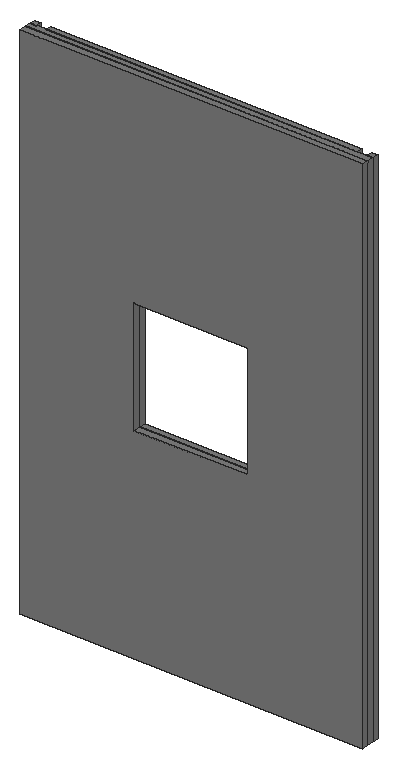
Revit family "Wall_Panel-Teknion-CWVH-Chronicle-TV_Wall_Panel-R2022", category Furniture, Revit 2022
Family settings
  OmniClass Number = 23.40.20.00
  OmniClass Title = General Furniture and Specialties
  Work Plane-Based = No
  Always vertical = Yes
  Cut with Voids When Loaded = No
  Render Appearance Source = Family Geometry
  Shared = Yes
  Room Calculation Point = No
Parameters (values of type "(4H) 4 High, 55"")
  Width [instance] = 36.000"
  Warranty = "http://www.teknion.com/ca/papers/legal-canada"
  Unit Weight URL = "http://www.teknion.com/ca/tools/assets#&asset=bee6a381-b954-425e-8283-5a2de3a804f2,f828d448-4b62-4231-9e5f-9a8991c0ed77"
  URL = "www.teknion.com"
  To render please download texture images found here [instance] = "https://assets.teknion.com/web/5e81352c1dfdb467/revit-material-swatches/"
  Sustainability Data = "https://www.teknion.com/ca/tools/assets#&topic=216f99a5-57a0-44fc-b10a-9dee9b29ae4c&asset=444deb64-fe58-4b68-981e-f75e97781df7,b4ff2d81-9f2e-437d-9659-7cffb09c31cf"
  Series = "Chronicle"  # constant formula
  Product Page URL = "https://www.teknion.com/products/product-details?productLineId=2302c16f-8e7a-673b-a6c8-ff05004460c4"
  Product Line = "TV Wall Panel"
  Product Documentation Link = "https://www.teknion.com/products/product-details?productLineId=2302c16f-8e7a-673b-a6c8-ff05004460c4"
  Part Number = "CWVH"  # constant formula
  Panel Finish [instance] = Veneer-Teknion-5P-Flintwood-Poppy_Seed
  Model = "CWVH4HF__"
  Manufacturer Phone = "416-661-3370"  # constant formula
  Manufacturer Fax = "416.661.4586"  # constant formula
  Manufacturer Contact Information = "http://www.teknion.com/ca/contactus"
  Manufacturer Address = "1150 Flint Road, Toronto, ON. M3J 2J5. Canada"  # constant formula
  Manufacturer = "Teknion"  # constant formula
  How To Use Teknion Materials User Guide [instance] = "https://assets.teknion.com/m/205dd0a49fa58060/original/How-to-add-a-Material-Library-and-Texture-Images-to-your-Revit-project.pdf"
  Height = 55.000"
  For Additional Finishes please visit [instance] = "https://assets.teknion.com/m/44a8009b046e5d47/original/Teknion_Materials_Library.zip"
  Description = "Chronicle - TV Wall Panel"  # constant formula
  Default Elevation = 0.000"
  Available Widths [instance] = "4H Height only has Width 36-78 inches, 2H & 3H have 36-108 inches in 6 inch increment"  # constant formula
  Assembly Code = "E2020200"
  4H = yes
  3H = no
  2H = no
Types (5): name | Model | Height | 4H | 3H | 2H
  (no name) | "CWVH4HF__" | 55.000" | yes | no | no
  (2H) 2 High, 26.5" | "CWVH2HF__" | 26.500" | no | no | yes
  (3H) 3 High, 41.25" | "CWVH3HF__" | 41.250" | no | yes | no
  (4H) 4 High, 55" | "CWVH4HF__" | 55.000" | yes | no | no
  (3H) 3 High, 40.25" (Height Reduced by 1") | "CWVH3HR__" | 40.250" | no | no | no
Reference planes (in)
  plane 1 "Center Front/Back": y = 0
  plane 2: z = 0
  plane 3 "Center Left/Right": x = 0
  plane 4 "Left": x = -18
  plane 5 "Right": x = 18
  plane 6 "Back": y = 0.9375
  plane 7 "Front": y = -1.0625
  plane 8 "Top": z = 55
  plane 9 "Centre": z = 27.5
Forms (in)
  Sweep 1, solid, material "Veneer-Teknion-5P-Flintwood-Poppy_Seed" <- "Panel Finish"
    path origin (0, 0, 0) x (1, 0, 0) y (0, 1, 0)
      loop
        line (-18, -1.0625) -> (-18, -0.3125)
    profile origin (-18, -0.6875, 0) x (-1, 0, 0) y (0, 0, 1)
      loop
        line (-36, 55) -> (-36, 0) -> (0, 0) -> (0, 55) -> (-36, 55)
      loop
        line (-12, 33.5) -> (-24, 33.5) -> (-24, 21.5) -> (-12, 21.5) -> (-12, 33.5)
  Sweep 2, solid, material "Veneer-Teknion-5P-Flintwood-Poppy_Seed" <- "Panel Finish"
    path origin (0, 0.75, 0) x (1, 0, 0) y (0, 1, 0)
      loop
        line (-18, -1.0625) -> (-18, -0.4375)
    profile origin (-18, 0, 0) x (-1, 0, 0) y (0, 0, 1)
      loop
        line (-36, 55) -> (-36, 0) -> (0, 0) -> (0, 55) -> (-36, 55)
      loop
        line (-12, 33.5) -> (-24, 33.5) -> (-24, 21.5) -> (-12, 21.5) -> (-12, 33.5)
  Sweep 3, solid, material "Veneer-Teknion-5P-Flintwood-Poppy_Seed" <- "Panel Finish"
    path origin (0, 0, 0) x (1, 0, 0) y (0, 0, 1)
      loop
        line (18, 0) -> (18, 55)
    profile origin (18, 0, 27.5) x (-1, 0, 0) y (0, -1, 0)
      loop
        line (35.375, -0.3125) -> (35.375, -0.9375) -> (36, -0.9375) -> (36, -0.3125) -> (35.375, -0.3125)
      loop
        line (0.625, -0.9375) -> (0.625, -0.3125) -> (0, -0.3125) -> (0, -0.9375) -> (0.625, -0.9375)
  Sweep 4, solid, material "Veneer-Teknion-5P-Flintwood-Poppy_Seed" <- "Panel Finish"
    path origin (0, 0, 0) x (1, 0, 0) y (0, 1, 0)
      loop
        line (16.375, 0.9375) -> (-16.375, 0.9375)
    profile origin (0, 0.9375, 0) x (0, -1, 0) y (0, 0, 1)
      loop
        line (0.625, 55) -> (0, 55) -> (0, 49) -> (0.625, 49) -> (0.625, 55)
  Sweep 5, solid, material "Veneer-Teknion-5P-Flintwood-Poppy_Seed" <- "Panel Finish"
    path origin (0, 0, 0) x (1, 0, 0) y (0, 0, 1)
      loop
        line (6, 6) -> (16.375, 6)
    profile origin (11.1875, 0, 6) x (0, 0, 1) y (0, -1, 0)
      loop
        line (-6, -0.9375) -> (-3.36548, -0.9375) -> (-2.74048, -0.3125) -> (-6, -0.3125) -> (-6, -0.9375)
      loop
        line (0, -0.9375) -> (0, -0.3125) -> (-2.65014, -0.3125) -> (-3.27514, -0.9375) -> (0, -0.9375)
  Sweep 6, solid, material "Veneer-Teknion-5P-Flintwood-Poppy_Seed" <- "Panel Finish"
    path origin (-22.375, 0, 0) x (1, 0, 0) y (0, 0, 1)
      loop
        line (6, 34.5) -> (16.375, 34.5)
    profile origin (-11.1875, 0, 34.5) x (0, 0, 1) y (0, -1, 0)
      loop
        line (-34.5, -0.9375) -> (-31.86548, -0.9375) -> (-31.24048, -0.3125) -> (-34.5, -0.3125) -> (-34.5, -0.9375)
      loop
        line (-28.5, -0.9375) -> (-28.5, -0.3125) -> (-31.15014, -0.3125) -> (-31.77514, -0.9375) -> (-28.5, -0.9375)
  Sweep 7, void
    path origin (0, 0, 0) x (1, 0, 0) y (0, 1, 0)
      loop
        line (16.375, 0.9375) -> (-16.375, 0.9375)
    profile origin (0, 0.9375, 0) x (0, -1, 0) y (0, 0, 1)
      loop
        line (0.625, 52.35646) -> (0, 51.73146) -> (0, 51.67358) -> (0.625, 52.29858) -> (0.625, 52.35646)
Cuts and joins
  Sweep 7 cuts Sweep 4
Lines and regions (in)
  Masking region 1
    outline origin (0, 0, 0) x (1, 0, 0) y (0, 1, 0)
      loop
        line (18, -1.0625) -> (18, 0.3125) -> (-18, 0.3125) -> (-18, -1.0625) -> (18, -1.0625)
  Masking region 2
    outline origin (0, 0, 0) x (1, 0, 0) y (0, 1, 0)
      loop
        line (-17.375, 0.3125) -> (-17.375, 0.9375) -> (-18, 0.9375) -> (-18, 0.3125) -> (-17.375, 0.3125)
      loop
        line (-16.375, 0.9375) -> (-16.375, 0.3125) -> (16.375, 0.3125) -> (16.375, 0.9375) -> (-16.375, 0.9375)
      loop
        line (17.375, 0.9375) -> (17.375, 0.3125) -> (18, 0.3125) -> (18, 0.9375) -> (17.375, 0.9375)
  symbolic lines, style "Furniture"
    curve 1: line (18, -0.3125, 0) -> (-18, -0.3125, 0)
  symbolic lines
    curve 2: line (-6, 0.3125, 0) -> (-6, 0.9375, 0)
    curve 3: line (6, 0.3125, 0) -> (6, 0.9375, 0)
  symbolic lines, style "FurnitureHiddenLines", detail levels medium+fine
    curve 4: line (-6, -1.0625, 0) -> (-6, -0.3125, 0)
    curve 5: line (6, -0.3125, 0) -> (6, -1.0625, 0)
    curve 6: line (6, 0.3125, 0) -> (6, -0.3125, 0)
    curve 7: line (-6, -0.3125, 0) -> (-6, 0.3125, 0)
  reference lines
    curve 8: line (-18, 0.9375, 0) -> (18, 0.9375, 0)
    curve 9: line (-18, -1.0625, 0) -> (18, -1.0625, 0)
    curve 10: line (-18, 0.9375, 0) -> (-18, -1.0625, 0)
    curve 11: line (18, 0.9375, 0) -> (18, -1.0625, 0)
Dimensions and locks (in)
  "Width": plane 4 "Left" to plane 5 "Right"
  plane 6 "Back" to plane 7 "Front" = 2.000"
  "Height": plane 8 "Top" to level
  locked: plane 7 "Front" to Sweep 1 sketch curve at 0.75
  plane 7 "Front" to Sweep 2 sketch curve to Sweep 2 sketch curve = 0.750" locked, 0.625" locked
  locked: plane 4 "Left" to Sweep 4 sketch curve at 1.625
  locked: Sweep 4 sketch curve to plane 5 "Right" at 1.625
  Sweep 6 sketch curve to Sweep 6 sketch curve to plane 6 "Back" to Sweep 6 sketch curve to Sweep 6 sketch curve = 0.000" locked, 0.625" locked, 0.000" locked, 0.000" locked
  equal spacing: plane 4 "Left", plane 3 "Center Left/Right", plane 5 "Right"
  locked: plane 4 "Left" to Sweep 3 sketch curve at 0.625
  plane 1 "Center Front/Back" to Sweep 3 sketch curve to Sweep 3 sketch curve = 0.3125" locked, 0.625" locked
  locked: Sweep 3 sketch curve to profile plane at 0.625
  profile plane to Sweep 3 sketch curve to Sweep 3 sketch curve = 0.3125" locked, 0.625" locked
  locked: Sweep 7 sketch curve to plane 5 "Right" at 1.625
  locked: plane 4 "Left" to Sweep 7 sketch curve at 1.625
  locked: plane 4 "Left" to Sweep 6 sketch curve at 1.625
  plane 8 "Top" to Sweep 7 sketch curve to Sweep 7 sketch curve to Sweep 7 sketch curve to Sweep 7 sketch curve = 2.64354" locked, 0.05788" locked, 0.56712" locked, 0.05788" locked
  plane 2 to Sweep 5 sketch curve to Sweep 5 sketch curve to Sweep 5 sketch curve to Sweep 5 sketch curve to Sweep 5 sketch curve = 2.63452" locked, 0.09034" locked, 0.53466" locked, 0.09034" locked, 2.65014" locked
  Sweep 6 sketch curve to Sweep 6 sketch curve to Sweep 6 sketch curve to Sweep 6 sketch curve to Sweep 6 sketch curve to plane 2 = 2.65014" locked, 0.09034" locked, 0.53466" locked, 0.09034" locked, 2.63452" locked
  plane 8 "Top" to plane 2 = 55.000"
  Sweep 1 sketch curve to plane 3 "Center Left/Right" to Sweep 1 sketch curve = 6.000" locked, 6.000" locked
  equal spacing: plane 8 "Top", plane 9 "Centre", plane 2
  Sweep 1 sketch curve to plane 9 "Centre" to Sweep 1 sketch curve = 6.000" locked, 6.000" locked
  Sweep 2 sketch curve to plane 3 "Center Left/Right" to Sweep 2 sketch curve = 6.000" locked, 6.000" locked
  Sweep 2 sketch curve to plane 9 "Centre" to Sweep 2 sketch curve = 6.000" locked, 6.000" locked
  locked: plane 8 "Top" to Sweep 4 sketch curve at 6
  plane 1 "Center Front/Back" to Sweep 4 sketch curve to Sweep 4 sketch curve = 0.3125" locked, 0.625" locked
  locked: Sweep 5 sketch curve to plane 3 "Center Left/Right" at 6
  locked: Sweep 5 sketch curve to plane 5 "Right" at 1.625
  aligned and locked: level to plane 2
  aligned and locked: Sweep 1 sketch curve to plane 7 "Front"
  aligned and locked: plane 4 "Left" to Sweep 2 sketch curve
  aligned and locked: plane 8 "Top" to Sweep 2 sketch curve
  aligned and locked: Sweep 2 sketch curve to plane 2
  aligned and locked: Sweep 2 sketch curve to plane 4 "Left"
  aligned and locked: Sweep 2 sketch curve to plane 5 "Right"
  aligned and locked: Sweep 3 sketch curve to Sweep 2
  aligned and locked: plane 8 "Top" to Sweep 3 sketch curve
  aligned and locked: plane 2 to Sweep 3 sketch curve
  aligned and locked: Sweep 4 sketch curve to Sweep 3
  aligned and locked: Sweep 3 to Sweep 5 sketch curve
  aligned and locked: Sweep 5 sketch curve to Sweep 3
  aligned and locked: Sweep 5 sketch curve to plane 6 "Back"
  aligned and locked: Sweep 6 sketch curve to plane 6 "Back"
  aligned and locked: plane 2 to Sweep 6 sketch curve
  aligned and locked: Sweep 6 sketch curve to Sweep 3
  aligned and locked: Sweep 1 sketch curve to plane 5 "Right"
  aligned and locked: Sweep 1 sketch curve to plane 4 "Left"
  aligned and locked: plane 8 "Top" to Sweep 1 sketch curve
  aligned and locked: Sweep 1 sketch curve to plane 2
  aligned and locked: Sweep 3 sketch curve to plane 4 "Left"
  aligned and locked: Sweep 3 to Sweep 7 sketch curve  (x2)
  aligned and locked: nested 2 to plane 6 "Back"
  aligned and locked: nested 2 to plane 5 "Right"
  aligned and locked: plane 4 "Left" to nested 1
  aligned and locked: nested 1 to plane 6 "Back"
  aligned and locked: Masking region 1 sketch curve to Sweep 1  (x3)
  aligned and locked: Masking region 1 sketch curve to Sweep 2
  aligned and locked: Masking region 2 sketch curve to Sweep 3  (x8)
  aligned and locked: Masking region 2 sketch curve to Sweep 6  (x3)
  aligned and locked: curve 1 to Sweep 2
  aligned and locked: Masking region 2 sketch curve to Sweep 5
  aligned and locked: curve 2 to Sweep 6
  aligned and locked: curve 4 to Sweep 1
  aligned and locked: curve 5 to Sweep 1
  aligned and locked: curve 6 to Sweep 2
  aligned and locked: curve 7 to Sweep 2
  aligned and locked: curve 8 to plane 6 "Back"
  aligned and locked: curve 9 to plane 7 "Front"
  aligned and locked: curve 10 to plane 4 "Left"
  aligned and locked: curve 11 to plane 5 "Right"
  aligned and locked: nested 2 to Sweep 3 sketch curve
Automatic sketch dimensions
  Sweep 6 sketch curve to plane 3 "Center Left/Right" = 6.000"
  Sweep 6 sketch curve to plane 8 "Top" = 20.500"
  Sweep 1 sketch curve to plane 4 "Left" = 0.000"
  Sweep 4 sketch curve to plane 6 "Back" = 0.000"
  level to Sweep 5 sketch curve = 6.000"
  Sweep 5 sketch curve to Sweep 5 sketch curve = 0.625"
  Sweep 5 sketch curve to Sweep 5 sketch curve = 0.000"
  Sweep 7 sketch curve to plane 6 "Back" = 0.000"
  curve 1 to plane 4 "Left" = 0.000"
  curve 1 to plane 5 "Right" = 0.000"
  curve 2 to plane 6 "Back" = 0.000"
  curve 2 to plane 1 "Center Front/Back" = 0.3125"
  curve 3 to plane 6 "Back" = 0.000"
  curve 3 to plane 1 "Center Front/Back" = 0.3125"
  plane 7 "Front" to curve 4 = 0.000"
  plane 7 "Front" to curve 5 = 0.000"
Nested families (in)
  nested 1: "Teknion_2D_Node_Family-R2021" at (-18, 0.9375, 0), type "Teknion_2D_Node_Family-R2021"
  nested 2: "Teknion_2D_Node_Family-R2021" at (18, 0.9375, 0), type "Teknion_2D_Node_Family-R2021"
Definition of nested family "Teknion_2D_Node_Family-R2021"
  Reference planes (in)
    plane 1 "Center (Front/Back)": y = 0
    plane 2: z = 0
    plane 3 "Center (Left/Right)": x = 0
  Lines and regions (in)
    detail lines, in view "Ref. Level"
      curve 1: circle (0, 0, 0) r 1.25 normal (0, 0, 1)
      curve 2: line (1.91508, -1.91508, 0) -> (-1.91508, 1.91508, 0)
      curve 3: line (-1.91508, -1.91508, 0) -> (1.91508, 1.91508, 0)
